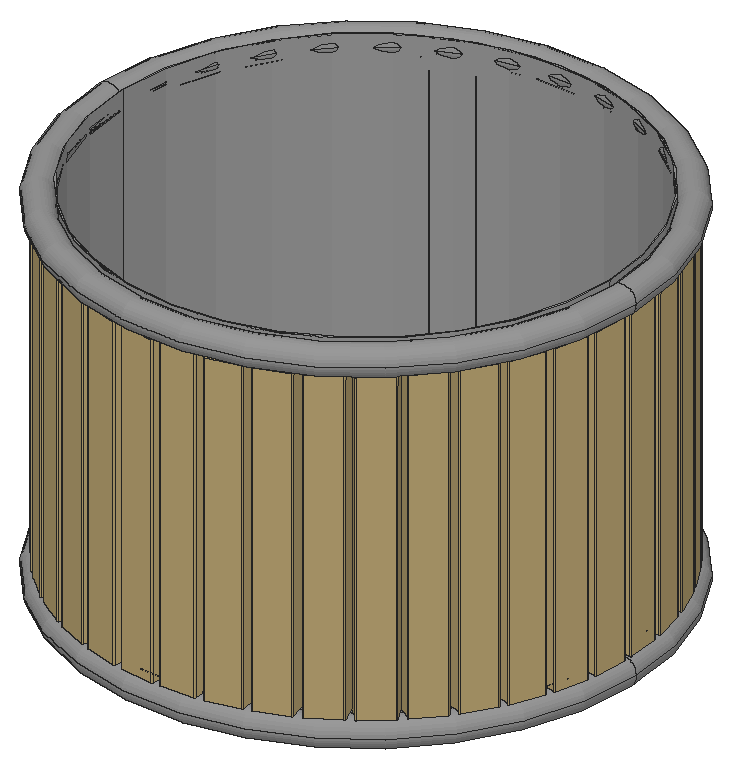
Revit family "L-FUC_식재대_YP-206_예건", category 일반 모델, Revit 2021
Family settings
  보강 철근 호스트 가능 = 아니오
  원형 커넥터 치수 = 지름 사용
  부품 유형 = 보통
  작업 기준면 기반 = 아니오
  항상 수직 = 예
  로드될 때 보이드를 사용하여 절단 = 아니오
  공유 = 아니오
  룸 계산 점 = 아니오
Parameters
  한국산업규격KS = ""
  조달청표준공사코드-세부공종 = ""
  기본 입면도 = 0 mm
  건설정보분류체계-부위분류 = "E988"
  LIM_INFO_주의사항 = "재배포, 재가공, 판매 금지"
  LIM_INFO_제품업체 = "예건"
  LIM_INFO_제품번호 = "YF-16"
  LIM_INFO_제품명 = "펜스_YF-16"
  LIM_INFO_제작일 = "20230315"
  LIM_INFO_재료 = "Hardwood, STL-pipe, STL-plate"
  LIM_INFO_업체정보 = ""
  LIM_INFO_업체URL = "https://yekun.com/"
  LIM_INFO_업체TEL = "(+82)31-943-6114"
  LIM_INFO_업체EMAIL = "yekun@yekun.com"
  LIM_INFO_버전 = "2023_V01"
  LIM_INFO_기타정보 = ""
  LIM_INFO_규격 = "W2000 x H1800"
  LIM_INFO_가격 = 0
  LIM_INFO_PV_포장재여부 = yes
  LIM_INFO_PV_면적 = 0.00 m²
  KBIMS_식별-버전 = ""
  KBIMS_식별-bSK등록번호 = ""
  KBIMS_보급정보-저작자 = "림인포테크_MMJ"
  KBIMS_보급정보-보급코드 = ""
Reference planes
  plane 1 "중심(앞/뒤)": y = 0
  plane 2: z = 0
  plane 3 "중심(왼쪽/오른쪽)": x = 0
Dimensions and locks
  aligned and locked: level to plane 2
Nested families
  nested 1: "YP-206_base" at (0, 0, 0), type "YP-206_base"
Definition of nested family "YP-206_base"
  Parameters (values of type "YP-206_base")
    Default Elevation = 0 mm
  Reference planes
    plane 1 "중심(앞/뒤)": y = 0
    plane 2: z = 0
    plane 3 "중심(왼쪽/오른쪽)": x = 0
  Forms (mm)
    Sweep 1, solid, not visible, detail levels fine
      path origin (0, 0, 0) x (1, 0, 0) y (0, 1, 0)
        loop
          circle (-1867.879, -167.062) r 568.25
      profile origin (-1867.879, 401.188, 0) x (0, -1, 0) y (0, 0, 1)
        loop
          circle (0, 0) r 28.75
        loop
          circle (0, 0) r 30.25
    Sweep 2, solid, not visible, detail levels coarse+medium
      path origin (0, 0, 0) x (1, 0, 0) y (0, 1, 0)
        loop
          circle (-1867.879, -167.062) r 568.25
      profile origin (-1867.879, 401.188, 0) x (0, -1, 0) y (0, 0, 1)
        loop
          line (26.465, -11.234) -> (26.657, 10.77) -> (11.234, 26.465) -> (-10.77, 26.657) -> (-26.465, 11.234) -> (-26.657, -10.77) -> (-11.234, -26.465) -> (10.77, -26.657) -> (26.465, -11.234)
        loop
          line (28.047, 11.332) -> (11.82, 27.845) -> (-11.332, 28.047) -> (-27.845, 11.82) -> (-28.047, -11.332) -> (-11.82, -27.845) -> (11.332, -28.047) -> (27.845, -11.82) -> (28.047, 11.332)
    Sweep 3, solid, not visible, detail levels fine
      path origin (0, 0, -1310.25) x (1, 0, 0) y (0, 1, 0)
        loop
          circle (-1867.879, -167.062) r 568.25
      profile origin (-1867.879, 401.188, -1310.25) x (0, -1, 0) y (0, 0, 1)
        loop
          circle (0, 1310.25) r 28.75
        loop
          circle (0, 1310.25) r 30.25
    Sweep 4, solid, not visible, detail levels coarse+medium
      path origin (0, 0, -1310.25) x (1, 0, 0) y (0, 1, 0)
        loop
          circle (-1867.879, -167.062) r 568.25
      profile origin (-1867.879, 401.188, -1310.25) x (0, -1, 0) y (0, 0, 1)
        loop
          line (26.465, 1299.016) -> (26.657, 1321.02) -> (11.234, 1336.715) -> (-10.77, 1336.907) -> (-26.465, 1321.484) -> (-26.657, 1299.48) -> (-11.234, 1283.785) -> (10.77, 1283.593) -> (26.465, 1299.016)
        loop
          line (28.047, 1321.582) -> (11.82, 1338.095) -> (-11.332, 1338.297) -> (-27.845, 1322.07) -> (-28.047, 1298.918) -> (-11.82, 1282.405) -> (11.332, 1282.203) -> (27.845, 1298.43) -> (28.047, 1321.582)
    Extrusion 5, solid, not visible
      sketch origin (0, 0, 0) x (1, 0, 0) y (0, 1, 0)
        loop
          line (-1678.243, -2480.024) -> (-1613.986, -2453.408)
          arc (-1613.986, -2453.408) -> (-1612.495, -2452.007) -> (-1612.304, -2449.969) r 2.893
          line (-1612.304, -2449.969) -> (-1622.315, -2413.562) -> (-1700.528, -2445.959) -> (-1681.864, -2478.781)
          arc (-1681.864, -2478.781) -> (-1680.288, -2480.087) -> (-1678.243, -2480.024) r 2.893
        loop
          line (-1517.968, -2394.568) -> (-1465.081, -2349.398)
          arc (-1465.081, -2349.398) -> (-1464.096, -2347.605) -> (-1464.544, -2345.608) r 2.893
          line (-1464.544, -2345.608) -> (-1485.315, -2314.077) -> (-1549.689, -2369.057) -> (-1521.796, -2394.505)
          arc (-1521.796, -2394.505) -> (-1519.893, -2395.26) -> (-1517.968, -2394.568) r 2.893
        loop
          line (-1391.945, -2263.766) -> (-1355.605, -2204.465)
          arc (-1355.605, -2204.465) -> (-1355.222, -2202.454) -> (-1356.265, -2200.694) r 2.893
          line (-1356.265, -2200.694) -> (-1385.763, -2177.125) -> (-1429.997, -2249.307) -> (-1395.605, -2264.89)
          arc (-1395.605, -2264.89) -> (-1393.562, -2265.02) -> (-1391.945, -2263.766) r 2.893
        loop
          line (-1312.509, -2100.424) -> (-1296.273, -2032.795)
          arc (-1296.273, -2032.795) -> (-1296.53, -2030.765) -> (-1298.067, -2029.413) r 2.893
          line (-1298.067, -2029.413) -> (-1333.404, -2016.112) -> (-1353.167, -2098.431) -> (-1315.643, -2102.623)
          arc (-1315.643, -2102.623) -> (-1313.66, -2102.116) -> (-1312.509, -2100.424) r 2.893
        loop
          line (-1287.437, -1920.529) -> (-1292.894, -1851.193)
          arc (-1292.894, -1851.193) -> (-1293.766, -1849.341) -> (-1295.645, -1848.53) r 2.893
          line (-1295.645, -1848.53) -> (-1333.364, -1846.801) -> (-1326.722, -1931.197) -> (-1289.738, -1923.589)
          arc (-1289.738, -1923.589) -> (-1288.009, -1922.494) -> (-1287.437, -1920.529) r 2.893
        loop
          line (-1319.183, -1741.691) -> (-1345.799, -1677.435)
          arc (-1345.799, -1677.435) -> (-1347.201, -1675.943) -> (-1349.238, -1675.753) r 2.893
          line (-1349.238, -1675.753) -> (-1385.645, -1685.763) -> (-1353.248, -1763.977) -> (-1320.426, -1745.312)
          arc (-1320.426, -1745.312) -> (-1319.12, -1743.736) -> (-1319.183, -1741.691) r 2.893
        loop
          line (-1404.64, -1581.416) -> (-1449.809, -1528.529)
          arc (-1449.809, -1528.529) -> (-1451.603, -1527.544) -> (-1453.6, -1527.992) r 2.893
          line (-1453.6, -1527.992) -> (-1485.131, -1548.764) -> (-1430.15, -1613.138) -> (-1404.702, -1585.244)
          arc (-1404.702, -1585.244) -> (-1403.947, -1583.342) -> (-1404.64, -1581.416) r 2.893
        loop
          line (-1535.441, -1455.393) -> (-1594.742, -1419.053)
          arc (-1594.742, -1419.053) -> (-1596.753, -1418.67) -> (-1598.513, -1419.714) r 2.893
          line (-1598.513, -1419.714) -> (-1622.083, -1449.212) -> (-1549.9, -1493.445) -> (-1534.317, -1459.053)
          arc (-1534.317, -1459.053) -> (-1534.187, -1457.01) -> (-1535.441, -1455.393) r 2.893
        loop
          line (-1698.784, -1375.958) -> (-1766.412, -1359.721)
          arc (-1766.412, -1359.721) -> (-1768.443, -1359.978) -> (-1769.795, -1361.515) r 2.893
          line (-1769.795, -1361.515) -> (-1783.095, -1396.853) -> (-1700.777, -1416.616) -> (-1696.584, -1379.091)
          arc (-1696.584, -1379.091) -> (-1697.091, -1377.108) -> (-1698.784, -1375.958) r 2.893
        loop
          line (-1878.679, -1350.886) -> (-1948.015, -1356.343)
          arc (-1948.015, -1356.343) -> (-1949.866, -1357.215) -> (-1950.677, -1359.094) r 2.893
          line (-1950.677, -1359.094) -> (-1952.406, -1396.812) -> (-1868.01, -1390.17) -> (-1875.618, -1353.187)
          arc (-1875.618, -1353.187) -> (-1876.713, -1351.457) -> (-1878.679, -1350.886) r 2.893
        loop
          line (-2057.516, -1382.632) -> (-2121.773, -1409.247)
          arc (-2121.773, -1409.247) -> (-2123.264, -1410.649) -> (-2123.455, -1412.687) r 2.893
          line (-2123.455, -1412.687) -> (-2113.444, -1449.093) -> (-2035.231, -1416.696) -> (-2053.895, -1383.874)
          arc (-2053.895, -1383.874) -> (-2055.471, -1382.568) -> (-2057.516, -1382.632) r 2.893
        loop
          line (-2217.791, -1468.088) -> (-2270.678, -1513.257)
          arc (-2270.678, -1513.257) -> (-2271.663, -1515.051) -> (-2271.215, -1517.048) r 2.893
          line (-2271.215, -1517.048) -> (-2250.444, -1548.579) -> (-2186.07, -1493.598) -> (-2213.963, -1468.15)
          arc (-2213.963, -1468.15) -> (-2215.865, -1467.395) -> (-2217.791, -1468.088) r 2.893
        loop
          line (-2343.814, -1598.889) -> (-2380.154, -1658.191)
          arc (-2380.154, -1658.191) -> (-2380.537, -1660.201) -> (-2379.494, -1661.962) r 2.893
          line (-2379.494, -1661.962) -> (-2349.996, -1685.531) -> (-2305.762, -1613.349) -> (-2340.154, -1597.766)
          arc (-2340.154, -1597.766) -> (-2342.197, -1597.635) -> (-2343.814, -1598.889) r 2.893
        loop
          line (-2437.692, -1833.243) -> (-2402.355, -1846.543) -> (-2382.592, -1764.225) -> (-2420.116, -1760.032)
          arc (-2420.116, -1760.032) -> (-2422.099, -1760.539) -> (-2423.25, -1762.232) r 2.893
          line (-2423.25, -1762.232) -> (-2439.486, -1829.861)
          arc (-2439.486, -1829.861) -> (-2439.229, -1831.891) -> (-2437.692, -1833.243) r 2.893
        loop
          line (-2440.113, -2014.125) -> (-2402.395, -2015.855) -> (-2409.037, -1931.458) -> (-2446.021, -1939.067)
          arc (-2446.021, -1939.067) -> (-2447.75, -1940.162) -> (-2448.322, -1942.127) r 2.893
          line (-2448.322, -1942.127) -> (-2442.865, -2011.463)
          arc (-2442.865, -2011.463) -> (-2441.993, -2013.314) -> (-2440.113, -2014.125) r 2.893
        loop
          line (-2386.521, -2186.903) -> (-2350.114, -2176.892) -> (-2382.511, -2098.679) -> (-2415.333, -2117.343)
          arc (-2415.333, -2117.343) -> (-2416.639, -2118.919) -> (-2416.576, -2120.965) r 2.893
          line (-2416.576, -2120.965) -> (-2389.96, -2185.221)
          arc (-2389.96, -2185.221) -> (-2388.558, -2186.712) -> (-2386.521, -2186.903) r 2.893
        loop
          line (-2282.159, -2334.663) -> (-2250.628, -2313.892) -> (-2305.609, -2249.518) -> (-2331.057, -2277.412)
          arc (-2331.057, -2277.412) -> (-2331.812, -2279.314) -> (-2331.119, -2281.24) r 2.893
          line (-2331.119, -2281.24) -> (-2285.95, -2334.126)
          arc (-2285.95, -2334.126) -> (-2284.156, -2335.112) -> (-2282.159, -2334.663) r 2.893
        loop
          line (-2137.246, -2442.942) -> (-2113.676, -2413.444) -> (-2185.859, -2369.21) -> (-2201.441, -2403.603)
          arc (-2201.441, -2403.603) -> (-2201.572, -2405.645) -> (-2200.318, -2407.263) r 2.893
          line (-2200.318, -2407.263) -> (-2141.017, -2443.603)
          arc (-2141.017, -2443.603) -> (-2139.006, -2443.986) -> (-2137.246, -2442.942) r 2.893
        loop
          line (-1965.964, -2501.141) -> (-1952.664, -2465.803) -> (-2034.982, -2446.04) -> (-2039.175, -2483.564)
          arc (-2039.175, -2483.564) -> (-2038.668, -2485.547) -> (-2036.975, -2486.698) r 2.893
          line (-2036.975, -2486.698) -> (-1969.347, -2502.934)
          arc (-1969.347, -2502.934) -> (-1967.316, -2502.677) -> (-1965.964, -2501.141) r 2.893
        loop
          line (-1785.082, -2503.562) -> (-1783.353, -2465.844) -> (-1867.749, -2472.486) -> (-1860.141, -2509.469)
          arc (-1860.141, -2509.469) -> (-1859.046, -2511.198) -> (-1857.08, -2511.77) r 2.893
          line (-1857.08, -2511.77) -> (-1787.744, -2506.313)
          arc (-1787.744, -2506.313) -> (-1785.893, -2505.441) -> (-1785.082, -2503.562) r 2.893
      from 0 to 680
    Extrusion 6, solid, not visible
      sketch origin (-326.184, 269.167, 0) x (0.987613, 0.156911, 0) y (-0.156911, 0.987613, 0)
        loop
          line (-1678.243, -2480.024) -> (-1613.986, -2453.408)
          arc (-1613.986, -2453.408) -> (-1612.495, -2452.007) -> (-1612.304, -2449.969) r 2.893
          line (-1612.304, -2449.969) -> (-1622.315, -2413.562) -> (-1700.528, -2445.959) -> (-1681.864, -2478.781)
          arc (-1681.864, -2478.781) -> (-1680.288, -2480.087) -> (-1678.243, -2480.024) r 2.893
        loop
          line (-1517.968, -2394.568) -> (-1465.081, -2349.398)
          arc (-1465.081, -2349.398) -> (-1464.096, -2347.605) -> (-1464.544, -2345.608) r 2.893
          line (-1464.544, -2345.608) -> (-1485.315, -2314.077) -> (-1549.689, -2369.057) -> (-1521.796, -2394.505)
          arc (-1521.796, -2394.505) -> (-1519.893, -2395.26) -> (-1517.968, -2394.568) r 2.893
        loop
          line (-1391.945, -2263.766) -> (-1355.605, -2204.465)
          arc (-1355.605, -2204.465) -> (-1355.222, -2202.454) -> (-1356.265, -2200.694) r 2.893
          line (-1356.265, -2200.694) -> (-1385.763, -2177.125) -> (-1429.997, -2249.307) -> (-1395.605, -2264.89)
          arc (-1395.605, -2264.89) -> (-1393.562, -2265.02) -> (-1391.945, -2263.766) r 2.893
        loop
          line (-1312.509, -2100.424) -> (-1296.273, -2032.795)
          arc (-1296.273, -2032.795) -> (-1296.53, -2030.765) -> (-1298.067, -2029.413) r 2.893
          line (-1298.067, -2029.413) -> (-1333.404, -2016.112) -> (-1353.167, -2098.431) -> (-1315.643, -2102.623)
          arc (-1315.643, -2102.623) -> (-1313.66, -2102.116) -> (-1312.509, -2100.424) r 2.893
        loop
          line (-1287.437, -1920.529) -> (-1292.894, -1851.193)
          arc (-1292.894, -1851.193) -> (-1293.766, -1849.341) -> (-1295.645, -1848.53) r 2.893
          line (-1295.645, -1848.53) -> (-1333.364, -1846.801) -> (-1326.722, -1931.197) -> (-1289.738, -1923.589)
          arc (-1289.738, -1923.589) -> (-1288.009, -1922.494) -> (-1287.437, -1920.529) r 2.893
        loop
          line (-1319.183, -1741.691) -> (-1345.799, -1677.435)
          arc (-1345.799, -1677.435) -> (-1347.201, -1675.943) -> (-1349.238, -1675.753) r 2.893
          line (-1349.238, -1675.753) -> (-1385.645, -1685.763) -> (-1353.248, -1763.977) -> (-1320.426, -1745.312)
          arc (-1320.426, -1745.312) -> (-1319.12, -1743.736) -> (-1319.183, -1741.691) r 2.893
        loop
          line (-1404.64, -1581.416) -> (-1449.809, -1528.529)
          arc (-1449.809, -1528.529) -> (-1451.603, -1527.544) -> (-1453.6, -1527.992) r 2.893
          line (-1453.6, -1527.992) -> (-1485.131, -1548.764) -> (-1430.15, -1613.138) -> (-1404.702, -1585.244)
          arc (-1404.702, -1585.244) -> (-1403.947, -1583.342) -> (-1404.64, -1581.416) r 2.893
        loop
          line (-1535.441, -1455.393) -> (-1594.742, -1419.053)
          arc (-1594.742, -1419.053) -> (-1596.753, -1418.67) -> (-1598.513, -1419.714) r 2.893
          line (-1598.513, -1419.714) -> (-1622.083, -1449.212) -> (-1549.9, -1493.445) -> (-1534.317, -1459.053)
          arc (-1534.317, -1459.053) -> (-1534.187, -1457.01) -> (-1535.441, -1455.393) r 2.893
        loop
          line (-1698.784, -1375.958) -> (-1766.412, -1359.721)
          arc (-1766.412, -1359.721) -> (-1768.443, -1359.978) -> (-1769.795, -1361.515) r 2.893
          line (-1769.795, -1361.515) -> (-1783.095, -1396.853) -> (-1700.777, -1416.616) -> (-1696.584, -1379.091)
          arc (-1696.584, -1379.091) -> (-1697.091, -1377.108) -> (-1698.784, -1375.958) r 2.893
        loop
          line (-1878.679, -1350.886) -> (-1948.015, -1356.343)
          arc (-1948.015, -1356.343) -> (-1949.866, -1357.215) -> (-1950.677, -1359.094) r 2.893
          line (-1950.677, -1359.094) -> (-1952.406, -1396.812) -> (-1868.01, -1390.17) -> (-1875.618, -1353.187)
          arc (-1875.618, -1353.187) -> (-1876.713, -1351.457) -> (-1878.679, -1350.886) r 2.893
        loop
          line (-2057.516, -1382.632) -> (-2121.773, -1409.247)
          arc (-2121.773, -1409.247) -> (-2123.264, -1410.649) -> (-2123.455, -1412.687) r 2.893
          line (-2123.455, -1412.687) -> (-2113.444, -1449.093) -> (-2035.231, -1416.696) -> (-2053.895, -1383.874)
          arc (-2053.895, -1383.874) -> (-2055.471, -1382.568) -> (-2057.516, -1382.632) r 2.893
        loop
          line (-2217.791, -1468.088) -> (-2270.678, -1513.257)
          arc (-2270.678, -1513.257) -> (-2271.663, -1515.051) -> (-2271.215, -1517.048) r 2.893
          line (-2271.215, -1517.048) -> (-2250.444, -1548.579) -> (-2186.07, -1493.598) -> (-2213.963, -1468.15)
          arc (-2213.963, -1468.15) -> (-2215.865, -1467.395) -> (-2217.791, -1468.088) r 2.893
        loop
          line (-2343.814, -1598.889) -> (-2380.154, -1658.191)
          arc (-2380.154, -1658.191) -> (-2380.537, -1660.201) -> (-2379.494, -1661.962) r 2.893
          line (-2379.494, -1661.962) -> (-2349.996, -1685.531) -> (-2305.762, -1613.349) -> (-2340.154, -1597.766)
          arc (-2340.154, -1597.766) -> (-2342.197, -1597.635) -> (-2343.814, -1598.889) r 2.893
        loop
          line (-2437.692, -1833.243) -> (-2402.355, -1846.543) -> (-2382.592, -1764.225) -> (-2420.116, -1760.032)
          arc (-2420.116, -1760.032) -> (-2422.099, -1760.539) -> (-2423.25, -1762.232) r 2.893
          line (-2423.25, -1762.232) -> (-2439.486, -1829.861)
          arc (-2439.486, -1829.861) -> (-2439.229, -1831.891) -> (-2437.692, -1833.243) r 2.893
        loop
          line (-2440.113, -2014.125) -> (-2402.395, -2015.855) -> (-2409.037, -1931.458) -> (-2446.021, -1939.067)
          arc (-2446.021, -1939.067) -> (-2447.75, -1940.162) -> (-2448.322, -1942.127) r 2.893
          line (-2448.322, -1942.127) -> (-2442.865, -2011.463)
          arc (-2442.865, -2011.463) -> (-2441.993, -2013.314) -> (-2440.113, -2014.125) r 2.893
        loop
          line (-2386.521, -2186.903) -> (-2350.114, -2176.892) -> (-2382.511, -2098.679) -> (-2415.333, -2117.343)
          arc (-2415.333, -2117.343) -> (-2416.639, -2118.919) -> (-2416.576, -2120.965) r 2.893
          line (-2416.576, -2120.965) -> (-2389.96, -2185.221)
          arc (-2389.96, -2185.221) -> (-2388.558, -2186.712) -> (-2386.521, -2186.903) r 2.893
        loop
          line (-2282.159, -2334.663) -> (-2250.628, -2313.892) -> (-2305.609, -2249.518) -> (-2331.057, -2277.412)
          arc (-2331.057, -2277.412) -> (-2331.812, -2279.314) -> (-2331.119, -2281.24) r 2.893
          line (-2331.119, -2281.24) -> (-2285.95, -2334.126)
          arc (-2285.95, -2334.126) -> (-2284.156, -2335.112) -> (-2282.159, -2334.663) r 2.893
        loop
          line (-2137.246, -2442.942) -> (-2113.676, -2413.444) -> (-2185.859, -2369.21) -> (-2201.441, -2403.603)
          arc (-2201.441, -2403.603) -> (-2201.572, -2405.645) -> (-2200.318, -2407.263) r 2.893
          line (-2200.318, -2407.263) -> (-2141.017, -2443.603)
          arc (-2141.017, -2443.603) -> (-2139.006, -2443.986) -> (-2137.246, -2442.942) r 2.893
        loop
          line (-1965.964, -2501.141) -> (-1952.664, -2465.803) -> (-2034.982, -2446.04) -> (-2039.175, -2483.564)
          arc (-2039.175, -2483.564) -> (-2038.668, -2485.547) -> (-2036.975, -2486.698) r 2.893
          line (-2036.975, -2486.698) -> (-1969.347, -2502.934)
          arc (-1969.347, -2502.934) -> (-1967.316, -2502.677) -> (-1965.964, -2501.141) r 2.893
        loop
          line (-1785.082, -2503.562) -> (-1783.353, -2465.844) -> (-1867.749, -2472.486) -> (-1860.141, -2509.469)
          arc (-1860.141, -2509.469) -> (-1859.046, -2511.198) -> (-1857.08, -2511.77) r 2.893
          line (-1857.08, -2511.77) -> (-1787.744, -2506.313)
          arc (-1787.744, -2506.313) -> (-1785.893, -2505.441) -> (-1785.082, -2503.562) r 2.893
      from 0 to 680
    Extrusion 7, solid, not visible
      sketch origin (0, 0, 0) x (1, 0, 0) y (0, 1, 0)
        loop
          circle (-1867.879, -1931.328) r 537.5
        loop
          circle (-1867.879, -1931.328) r 539.5
      from 0 to 794.31
    Sweep 8, solid, not visible, detail levels fine
      path origin (0, -1764.266, -542.405) x (1, 0, 0) y (0, 1, 0)
        loop
          circle (-1867.879, -167.062) r 568.25
      profile origin (-1867.879, -1363.078, -542.405) x (0, -1, 0) y (0, 0, 1)
        loop
          circle (0, 1310.25) r 28.75
        loop
          circle (0, 1310.25) r 30.25
    Sweep 9, solid, not visible, detail levels coarse+medium
      path origin (0, -1764.266, -542.405) x (1, 0, 0) y (0, 1, 0)
        loop
          circle (-1867.879, -167.062) r 568.25
      profile origin (-1867.879, -1363.078, -542.405) x (0, -1, 0) y (0, 0, 1)
        loop
          line (26.465, 1299.016) -> (26.657, 1321.02) -> (11.234, 1336.715) -> (-10.77, 1336.907) -> (-26.465, 1321.484) -> (-26.657, 1299.48) -> (-11.234, 1283.785) -> (10.77, 1283.593) -> (26.465, 1299.016)
        loop
          line (28.047, 1321.582) -> (11.82, 1338.095) -> (-11.332, 1338.297) -> (-27.845, 1322.07) -> (-28.047, 1298.918) -> (-11.82, 1282.405) -> (11.332, 1282.203) -> (27.845, 1298.43) -> (28.047, 1321.582)
    Sweep 10, solid, not visible, detail levels fine
      path origin (0, -1764.266, -1278.297) x (1, 0, 0) y (0, 1, 0)
        loop
          circle (-1867.879, -167.062) r 568.25
      profile origin (-1867.879, -1363.078, -1278.297) x (0, -1, 0) y (0, 0, 1)
        loop
          circle (0, 1310.25) r 28.75
        loop
          circle (0, 1310.25) r 30.25
    Sweep 11, solid, not visible, detail levels coarse+medium
      path origin (0, -1764.266, -1278.297) x (1, 0, 0) y (0, 1, 0)
        loop
          circle (-1867.879, -167.062) r 568.25
      profile origin (-1867.879, -1363.078, -1278.297) x (0, -1, 0) y (0, 0, 1)
        loop
          line (26.465, 1299.016) -> (26.657, 1321.02) -> (11.234, 1336.715) -> (-10.77, 1336.907) -> (-26.465, 1321.484) -> (-26.657, 1299.48) -> (-11.234, 1283.785) -> (10.77, 1283.593) -> (26.465, 1299.016)
        loop
          line (28.047, 1321.582) -> (11.82, 1338.095) -> (-11.332, 1338.297) -> (-27.845, 1322.07) -> (-28.047, 1298.918) -> (-11.82, 1282.405) -> (11.332, 1282.203) -> (27.845, 1298.43) -> (28.047, 1321.582)
    Extrusion 12, solid, not visible
      sketch origin (0, 0, 60) x (1, 0, 0) y (0, 1, 0)
        loop
          line (-1678.243, -2480.024) -> (-1613.986, -2453.408)
          arc (-1613.986, -2453.408) -> (-1612.495, -2452.007) -> (-1612.304, -2449.969) r 2.893
          line (-1612.304, -2449.969) -> (-1622.315, -2413.562) -> (-1700.528, -2445.959) -> (-1681.864, -2478.781)
          arc (-1681.864, -2478.781) -> (-1680.288, -2480.087) -> (-1678.243, -2480.024) r 2.893
        loop
          line (-1517.968, -2394.568) -> (-1465.081, -2349.398)
          arc (-1465.081, -2349.398) -> (-1464.096, -2347.605) -> (-1464.544, -2345.608) r 2.893
          line (-1464.544, -2345.608) -> (-1485.315, -2314.077) -> (-1549.689, -2369.057) -> (-1521.796, -2394.505)
          arc (-1521.796, -2394.505) -> (-1519.893, -2395.26) -> (-1517.968, -2394.568) r 2.893
        loop
          line (-1391.945, -2263.766) -> (-1355.605, -2204.465)
          arc (-1355.605, -2204.465) -> (-1355.222, -2202.454) -> (-1356.265, -2200.694) r 2.893
          line (-1356.265, -2200.694) -> (-1385.763, -2177.125) -> (-1429.997, -2249.307) -> (-1395.605, -2264.89)
          arc (-1395.605, -2264.89) -> (-1393.562, -2265.02) -> (-1391.945, -2263.766) r 2.893
        loop
          line (-1312.509, -2100.424) -> (-1296.273, -2032.795)
          arc (-1296.273, -2032.795) -> (-1296.53, -2030.765) -> (-1298.067, -2029.413) r 2.893
          line (-1298.067, -2029.413) -> (-1333.404, -2016.112) -> (-1353.167, -2098.431) -> (-1315.643, -2102.623)
          arc (-1315.643, -2102.623) -> (-1313.66, -2102.116) -> (-1312.509, -2100.424) r 2.893
        loop
          line (-1287.437, -1920.529) -> (-1292.894, -1851.193)
          arc (-1292.894, -1851.193) -> (-1293.766, -1849.341) -> (-1295.645, -1848.53) r 2.893
          line (-1295.645, -1848.53) -> (-1333.364, -1846.801) -> (-1326.722, -1931.197) -> (-1289.738, -1923.589)
          arc (-1289.738, -1923.589) -> (-1288.009, -1922.494) -> (-1287.437, -1920.529) r 2.893
        loop
          line (-1319.183, -1741.691) -> (-1345.799, -1677.435)
          arc (-1345.799, -1677.435) -> (-1347.201, -1675.943) -> (-1349.238, -1675.753) r 2.893
          line (-1349.238, -1675.753) -> (-1385.645, -1685.763) -> (-1353.248, -1763.977) -> (-1320.426, -1745.312)
          arc (-1320.426, -1745.312) -> (-1319.12, -1743.736) -> (-1319.183, -1741.691) r 2.893
        loop
          line (-1404.64, -1581.416) -> (-1449.809, -1528.529)
          arc (-1449.809, -1528.529) -> (-1451.603, -1527.544) -> (-1453.6, -1527.992) r 2.893
          line (-1453.6, -1527.992) -> (-1485.131, -1548.764) -> (-1430.15, -1613.138) -> (-1404.702, -1585.244)
          arc (-1404.702, -1585.244) -> (-1403.947, -1583.342) -> (-1404.64, -1581.416) r 2.893
        loop
          line (-1535.441, -1455.393) -> (-1594.742, -1419.053)
          arc (-1594.742, -1419.053) -> (-1596.753, -1418.67) -> (-1598.513, -1419.714) r 2.893
          line (-1598.513, -1419.714) -> (-1622.083, -1449.212) -> (-1549.9, -1493.445) -> (-1534.317, -1459.053)
          arc (-1534.317, -1459.053) -> (-1534.187, -1457.01) -> (-1535.441, -1455.393) r 2.893
        loop
          line (-1698.784, -1375.958) -> (-1766.412, -1359.721)
          arc (-1766.412, -1359.721) -> (-1768.443, -1359.978) -> (-1769.795, -1361.515) r 2.893
          line (-1769.795, -1361.515) -> (-1783.095, -1396.853) -> (-1700.777, -1416.616) -> (-1696.584, -1379.091)
          arc (-1696.584, -1379.091) -> (-1697.091, -1377.108) -> (-1698.784, -1375.958) r 2.893
        loop
          line (-1878.679, -1350.886) -> (-1948.015, -1356.343)
          arc (-1948.015, -1356.343) -> (-1949.866, -1357.215) -> (-1950.677, -1359.094) r 2.893
          line (-1950.677, -1359.094) -> (-1952.406, -1396.812) -> (-1868.01, -1390.17) -> (-1875.618, -1353.187)
          arc (-1875.618, -1353.187) -> (-1876.713, -1351.457) -> (-1878.679, -1350.886) r 2.893
        loop
          line (-2057.516, -1382.632) -> (-2121.773, -1409.247)
          arc (-2121.773, -1409.247) -> (-2123.264, -1410.649) -> (-2123.455, -1412.687) r 2.893
          line (-2123.455, -1412.687) -> (-2113.444, -1449.093) -> (-2035.231, -1416.696) -> (-2053.895, -1383.874)
          arc (-2053.895, -1383.874) -> (-2055.471, -1382.568) -> (-2057.516, -1382.632) r 2.893
        loop
          line (-2217.791, -1468.088) -> (-2270.678, -1513.257)
          arc (-2270.678, -1513.257) -> (-2271.663, -1515.051) -> (-2271.215, -1517.048) r 2.893
          line (-2271.215, -1517.048) -> (-2250.444, -1548.579) -> (-2186.07, -1493.598) -> (-2213.963, -1468.15)
          arc (-2213.963, -1468.15) -> (-2215.865, -1467.395) -> (-2217.791, -1468.088) r 2.893
        loop
          line (-2343.814, -1598.889) -> (-2380.154, -1658.191)
          arc (-2380.154, -1658.191) -> (-2380.537, -1660.201) -> (-2379.494, -1661.962) r 2.893
          line (-2379.494, -1661.962) -> (-2349.996, -1685.531) -> (-2305.762, -1613.349) -> (-2340.154, -1597.766)
          arc (-2340.154, -1597.766) -> (-2342.197, -1597.635) -> (-2343.814, -1598.889) r 2.893
        loop
          line (-2437.692, -1833.243) -> (-2402.355, -1846.543) -> (-2382.592, -1764.225) -> (-2420.116, -1760.032)
          arc (-2420.116, -1760.032) -> (-2422.099, -1760.539) -> (-2423.25, -1762.232) r 2.893
          line (-2423.25, -1762.232) -> (-2439.486, -1829.861)
          arc (-2439.486, -1829.861) -> (-2439.229, -1831.891) -> (-2437.692, -1833.243) r 2.893
        loop
          line (-2440.113, -2014.125) -> (-2402.395, -2015.855) -> (-2409.037, -1931.458) -> (-2446.021, -1939.067)
          arc (-2446.021, -1939.067) -> (-2447.75, -1940.162) -> (-2448.322, -1942.127) r 2.893
          line (-2448.322, -1942.127) -> (-2442.865, -2011.463)
          arc (-2442.865, -2011.463) -> (-2441.993, -2013.314) -> (-2440.113, -2014.125) r 2.893
        loop
          line (-2386.521, -2186.903) -> (-2350.114, -2176.892) -> (-2382.511, -2098.679) -> (-2415.333, -2117.343)
          arc (-2415.333, -2117.343) -> (-2416.639, -2118.919) -> (-2416.576, -2120.965) r 2.893
          line (-2416.576, -2120.965) -> (-2389.96, -2185.221)
          arc (-2389.96, -2185.221) -> (-2388.558, -2186.712) -> (-2386.521, -2186.903) r 2.893
        loop
          line (-2282.159, -2334.663) -> (-2250.628, -2313.892) -> (-2305.609, -2249.518) -> (-2331.057, -2277.412)
          arc (-2331.057, -2277.412) -> (-2331.812, -2279.314) -> (-2331.119, -2281.24) r 2.893
          line (-2331.119, -2281.24) -> (-2285.95, -2334.126)
          arc (-2285.95, -2334.126) -> (-2284.156, -2335.112) -> (-2282.159, -2334.663) r 2.893
        loop
          line (-2137.246, -2442.942) -> (-2113.676, -2413.444) -> (-2185.859, -2369.21) -> (-2201.441, -2403.603)
          arc (-2201.441, -2403.603) -> (-2201.572, -2405.645) -> (-2200.318, -2407.263) r 2.893
          line (-2200.318, -2407.263) -> (-2141.017, -2443.603)
          arc (-2141.017, -2443.603) -> (-2139.006, -2443.986) -> (-2137.246, -2442.942) r 2.893
        loop
          line (-1965.964, -2501.141) -> (-1952.664, -2465.803) -> (-2034.982, -2446.04) -> (-2039.175, -2483.564)
          arc (-2039.175, -2483.564) -> (-2038.668, -2485.547) -> (-2036.975, -2486.698) r 2.893
          line (-2036.975, -2486.698) -> (-1969.347, -2502.934)
          arc (-1969.347, -2502.934) -> (-1967.316, -2502.677) -> (-1965.964, -2501.141) r 2.893
        loop
          line (-1785.082, -2503.562) -> (-1783.353, -2465.844) -> (-1867.749, -2472.486) -> (-1860.141, -2509.469)
          arc (-1860.141, -2509.469) -> (-1859.046, -2511.198) -> (-1857.08, -2511.77) r 2.893
          line (-1857.08, -2511.77) -> (-1787.744, -2506.313)
          arc (-1787.744, -2506.313) -> (-1785.893, -2505.441) -> (-1785.082, -2503.562) r 2.893
      from 0 to 680
    Extrusion 13, solid, not visible
      sketch origin (-326.184, 269.167, 60) x (0.987613, 0.156911, 0) y (-0.156911, 0.987613, 0)
        loop
          line (-1678.243, -2480.024) -> (-1613.986, -2453.408)
          arc (-1613.986, -2453.408) -> (-1612.495, -2452.007) -> (-1612.304, -2449.969) r 2.893
          line (-1612.304, -2449.969) -> (-1622.315, -2413.562) -> (-1700.528, -2445.959) -> (-1681.864, -2478.781)
          arc (-1681.864, -2478.781) -> (-1680.288, -2480.087) -> (-1678.243, -2480.024) r 2.893
        loop
          line (-1517.968, -2394.568) -> (-1465.081, -2349.398)
          arc (-1465.081, -2349.398) -> (-1464.096, -2347.605) -> (-1464.544, -2345.608) r 2.893
          line (-1464.544, -2345.608) -> (-1485.315, -2314.077) -> (-1549.689, -2369.057) -> (-1521.796, -2394.505)
          arc (-1521.796, -2394.505) -> (-1519.893, -2395.26) -> (-1517.968, -2394.568) r 2.893
        loop
          line (-1391.945, -2263.766) -> (-1355.605, -2204.465)
          arc (-1355.605, -2204.465) -> (-1355.222, -2202.454) -> (-1356.265, -2200.694) r 2.893
          line (-1356.265, -2200.694) -> (-1385.763, -2177.125) -> (-1429.997, -2249.307) -> (-1395.605, -2264.89)
          arc (-1395.605, -2264.89) -> (-1393.562, -2265.02) -> (-1391.945, -2263.766) r 2.893
        loop
          line (-1312.509, -2100.424) -> (-1296.273, -2032.795)
          arc (-1296.273, -2032.795) -> (-1296.53, -2030.765) -> (-1298.067, -2029.413) r 2.893
          line (-1298.067, -2029.413) -> (-1333.404, -2016.112) -> (-1353.167, -2098.431) -> (-1315.643, -2102.623)
          arc (-1315.643, -2102.623) -> (-1313.66, -2102.116) -> (-1312.509, -2100.424) r 2.893
        loop
          line (-1287.437, -1920.529) -> (-1292.894, -1851.193)
          arc (-1292.894, -1851.193) -> (-1293.766, -1849.341) -> (-1295.645, -1848.53) r 2.893
          line (-1295.645, -1848.53) -> (-1333.364, -1846.801) -> (-1326.722, -1931.197) -> (-1289.738, -1923.589)
          arc (-1289.738, -1923.589) -> (-1288.009, -1922.494) -> (-1287.437, -1920.529) r 2.893
        loop
          line (-1319.183, -1741.691) -> (-1345.799, -1677.435)
          arc (-1345.799, -1677.435) -> (-1347.201, -1675.943) -> (-1349.238, -1675.753) r 2.893
          line (-1349.238, -1675.753) -> (-1385.645, -1685.763) -> (-1353.248, -1763.977) -> (-1320.426, -1745.312)
          arc (-1320.426, -1745.312) -> (-1319.12, -1743.736) -> (-1319.183, -1741.691) r 2.893
        loop
          line (-1404.64, -1581.416) -> (-1449.809, -1528.529)
          arc (-1449.809, -1528.529) -> (-1451.603, -1527.544) -> (-1453.6, -1527.992) r 2.893
          line (-1453.6, -1527.992) -> (-1485.131, -1548.764) -> (-1430.15, -1613.138) -> (-1404.702, -1585.244)
          arc (-1404.702, -1585.244) -> (-1403.947, -1583.342) -> (-1404.64, -1581.416) r 2.893
        loop
          line (-1535.441, -1455.393) -> (-1594.742, -1419.053)
          arc (-1594.742, -1419.053) -> (-1596.753, -1418.67) -> (-1598.513, -1419.714) r 2.893
          line (-1598.513, -1419.714) -> (-1622.083, -1449.212) -> (-1549.9, -1493.445) -> (-1534.317, -1459.053)
          arc (-1534.317, -1459.053) -> (-1534.187, -1457.01) -> (-1535.441, -1455.393) r 2.893
        loop
          line (-1698.784, -1375.958) -> (-1766.412, -1359.721)
          arc (-1766.412, -1359.721) -> (-1768.443, -1359.978) -> (-1769.795, -1361.515) r 2.893
          line (-1769.795, -1361.515) -> (-1783.095, -1396.853) -> (-1700.777, -1416.616) -> (-1696.584, -1379.091)
          arc (-1696.584, -1379.091) -> (-1697.091, -1377.108) -> (-1698.784, -1375.958) r 2.893
        loop
          line (-1878.679, -1350.886) -> (-1948.015, -1356.343)
          arc (-1948.015, -1356.343) -> (-1949.866, -1357.215) -> (-1950.677, -1359.094) r 2.893
          line (-1950.677, -1359.094) -> (-1952.406, -1396.812) -> (-1868.01, -1390.17) -> (-1875.618, -1353.187)
          arc (-1875.618, -1353.187) -> (-1876.713, -1351.457) -> (-1878.679, -1350.886) r 2.893
        loop
          line (-2057.516, -1382.632) -> (-2121.773, -1409.247)
          arc (-2121.773, -1409.247) -> (-2123.264, -1410.649) -> (-2123.455, -1412.687) r 2.893
          line (-2123.455, -1412.687) -> (-2113.444, -1449.093) -> (-2035.231, -1416.696) -> (-2053.895, -1383.874)
          arc (-2053.895, -1383.874) -> (-2055.471, -1382.568) -> (-2057.516, -1382.632) r 2.893
        loop
          line (-2217.791, -1468.088) -> (-2270.678, -1513.257)
          arc (-2270.678, -1513.257) -> (-2271.663, -1515.051) -> (-2271.215, -1517.048) r 2.893
          line (-2271.215, -1517.048) -> (-2250.444, -1548.579) -> (-2186.07, -1493.598) -> (-2213.963, -1468.15)
          arc (-2213.963, -1468.15) -> (-2215.865, -1467.395) -> (-2217.791, -1468.088) r 2.893
        loop
          line (-2343.814, -1598.889) -> (-2380.154, -1658.191)
          arc (-2380.154, -1658.191) -> (-2380.537, -1660.201) -> (-2379.494, -1661.962) r 2.893
          line (-2379.494, -1661.962) -> (-2349.996, -1685.531) -> (-2305.762, -1613.349) -> (-2340.154, -1597.766)
          arc (-2340.154, -1597.766) -> (-2342.197, -1597.635) -> (-2343.814, -1598.889) r 2.893
        loop
          line (-2437.692, -1833.243) -> (-2402.355, -1846.543) -> (-2382.592, -1764.225) -> (-2420.116, -1760.032)
          arc (-2420.116, -1760.032) -> (-2422.099, -1760.539) -> (-2423.25, -1762.232) r 2.893
          line (-2423.25, -1762.232) -> (-2439.486, -1829.861)
          arc (-2439.486, -1829.861) -> (-2439.229, -1831.891) -> (-2437.692, -1833.243) r 2.893
        loop
          line (-2440.113, -2014.125) -> (-2402.395, -2015.855) -> (-2409.037, -1931.458) -> (-2446.021, -1939.067)
          arc (-2446.021, -1939.067) -> (-2447.75, -1940.162) -> (-2448.322, -1942.127) r 2.893
          line (-2448.322, -1942.127) -> (-2442.865, -2011.463)
          arc (-2442.865, -2011.463) -> (-2441.993, -2013.314) -> (-2440.113, -2014.125) r 2.893
        loop
          line (-2386.521, -2186.903) -> (-2350.114, -2176.892) -> (-2382.511, -2098.679) -> (-2415.333, -2117.343)
          arc (-2415.333, -2117.343) -> (-2416.639, -2118.919) -> (-2416.576, -2120.965) r 2.893
          line (-2416.576, -2120.965) -> (-2389.96, -2185.221)
          arc (-2389.96, -2185.221) -> (-2388.558, -2186.712) -> (-2386.521, -2186.903) r 2.893
        loop
          line (-2282.159, -2334.663) -> (-2250.628, -2313.892) -> (-2305.609, -2249.518) -> (-2331.057, -2277.412)
          arc (-2331.057, -2277.412) -> (-2331.812, -2279.314) -> (-2331.119, -2281.24) r 2.893
          line (-2331.119, -2281.24) -> (-2285.95, -2334.126)
          arc (-2285.95, -2334.126) -> (-2284.156, -2335.112) -> (-2282.159, -2334.663) r 2.893
        loop
          line (-2137.246, -2442.942) -> (-2113.676, -2413.444) -> (-2185.859, -2369.21) -> (-2201.441, -2403.603)
          arc (-2201.441, -2403.603) -> (-2201.572, -2405.645) -> (-2200.318, -2407.263) r 2.893
          line (-2200.318, -2407.263) -> (-2141.017, -2443.603)
          arc (-2141.017, -2443.603) -> (-2139.006, -2443.986) -> (-2137.246, -2442.942) r 2.893
        loop
          line (-1965.964, -2501.141) -> (-1952.664, -2465.803) -> (-2034.982, -2446.04) -> (-2039.175, -2483.564)
          arc (-2039.175, -2483.564) -> (-2038.668, -2485.547) -> (-2036.975, -2486.698) r 2.893
          line (-2036.975, -2486.698) -> (-1969.347, -2502.934)
          arc (-1969.347, -2502.934) -> (-1967.316, -2502.677) -> (-1965.964, -2501.141) r 2.893
        loop
          line (-1785.082, -2503.562) -> (-1783.353, -2465.844) -> (-1867.749, -2472.486) -> (-1860.141, -2509.469)
          arc (-1860.141, -2509.469) -> (-1859.046, -2511.198) -> (-1857.08, -2511.77) r 2.893
          line (-1857.08, -2511.77) -> (-1787.744, -2506.313)
          arc (-1787.744, -2506.313) -> (-1785.893, -2505.441) -> (-1785.082, -2503.562) r 2.893
      from 0 to 680
    Extrusion 14, solid, not visible
      sketch origin (0, -1764.266, 4.107) x (1, 0, 0) y (0, 1, 0)
        loop
          arc (-2404.542, -137.062) -> (-2405.379, -167.062) -> (-2404.542, -197.062) r 537.5
          line (-2404.542, -197.062) -> (-1331.217, -197.062)
          arc (-1331.217, -197.062) -> (-1330.379, -167.062) -> (-1331.217, -137.062) r 537.5
          line (-1331.217, -137.062) -> (-2404.542, -137.062)
      from 0 to 40
    Extrusion 15, solid, not visible
      sketch origin (-2034.942, -63.448, 4.107) x (0, 1, 0) y (-1, 0, 0)
        loop
          arc (-2404.542, -137.062) -> (-2405.379, -167.062) -> (-2404.542, -197.062) r 537.5
          line (-2404.542, -197.062) -> (-1331.217, -197.062)
          arc (-1331.217, -197.062) -> (-1330.379, -167.062) -> (-1331.217, -137.062) r 537.5
          line (-1331.217, -137.062) -> (-2404.542, -137.062)
      from 0 to 40
    Extrusion 16, solid, not visible
      sketch origin (0, -1764.266, 44.107) x (1, 0, 0) y (0, 1, 0)
        loop
          circle (-1867.879, -167.062) r 537.5
        loop
          circle (-2080.012, -379.194) r 10
        loop
          circle (-1655.747, -379.194) r 10
        loop
          circle (-1655.747, 45.07) r 10
        loop
          circle (-2080.012, 45.07) r 10
      from 0 to 1.2
    Extrusion 17, solid, detail levels fine
      sketch origin (1867.879, 1931.328, 0) x (1, 0, 0) y (0, 1, 0)
        loop
          circle (-1867.879, -1931.328) r 537.5
        loop
          circle (-1867.879, -1931.328) r 539.5
      from 0 to 794.31
    Sweep 18, solid, detail levels fine
      path origin (1867.879, 167.062, -542.405) x (1, 0, 0) y (0, 1, 0)
        loop
          circle (-1867.879, -167.062) r 568.25
      profile origin (0, 568.25, -542.405) x (0, -1, 0) y (0, 0, 1)
        loop
          circle (0, 1310.25) r 28.75
        loop
          circle (0, 1310.25) r 30.25
    Sweep 19, solid, detail levels fine
      path origin (1867.879, 167.062, -1278.297) x (1, 0, 0) y (0, 1, 0)
        loop
          circle (-1867.879, -167.062) r 568.25
      profile origin (0, 568.25, -1278.297) x (0, -1, 0) y (0, 0, 1)
        loop
          circle (0, 1310.25) r 28.75
        loop
          circle (0, 1310.25) r 30.25
    Extrusion 20, solid, detail levels fine
      sketch origin (1867.879, 1931.328, 60) x (1, 0, 0) y (0, 1, 0)
        loop
          line (-1678.243, -2480.024) -> (-1613.986, -2453.408)
          arc (-1613.986, -2453.408) -> (-1612.495, -2452.007) -> (-1612.304, -2449.969) r 2.893
          line (-1612.304, -2449.969) -> (-1622.315, -2413.562) -> (-1700.528, -2445.959) -> (-1681.864, -2478.781)
          arc (-1681.864, -2478.781) -> (-1680.288, -2480.087) -> (-1678.243, -2480.024) r 2.893
        loop
          line (-1517.968, -2394.568) -> (-1465.081, -2349.398)
          arc (-1465.081, -2349.398) -> (-1464.096, -2347.605) -> (-1464.544, -2345.608) r 2.893
          line (-1464.544, -2345.608) -> (-1485.315, -2314.077) -> (-1549.689, -2369.057) -> (-1521.796, -2394.505)
          arc (-1521.796, -2394.505) -> (-1519.893, -2395.26) -> (-1517.968, -2394.568) r 2.893
        loop
          line (-1391.945, -2263.766) -> (-1355.605, -2204.465)
          arc (-1355.605, -2204.465) -> (-1355.222, -2202.454) -> (-1356.265, -2200.694) r 2.893
          line (-1356.265, -2200.694) -> (-1385.763, -2177.125) -> (-1429.997, -2249.307) -> (-1395.605, -2264.89)
          arc (-1395.605, -2264.89) -> (-1393.562, -2265.02) -> (-1391.945, -2263.766) r 2.893
        loop
          line (-1312.509, -2100.424) -> (-1296.273, -2032.795)
          arc (-1296.273, -2032.795) -> (-1296.53, -2030.765) -> (-1298.067, -2029.413) r 2.893
          line (-1298.067, -2029.413) -> (-1333.404, -2016.112) -> (-1353.167, -2098.431) -> (-1315.643, -2102.623)
          arc (-1315.643, -2102.623) -> (-1313.66, -2102.116) -> (-1312.509, -2100.424) r 2.893
        loop
          line (-1287.437, -1920.529) -> (-1292.894, -1851.193)
          arc (-1292.894, -1851.193) -> (-1293.766, -1849.341) -> (-1295.645, -1848.53) r 2.893
          line (-1295.645, -1848.53) -> (-1333.364, -1846.801) -> (-1326.722, -1931.197) -> (-1289.738, -1923.589)
          arc (-1289.738, -1923.589) -> (-1288.009, -1922.494) -> (-1287.437, -1920.529) r 2.893
        loop
          line (-1319.183, -1741.691) -> (-1345.799, -1677.435)
          arc (-1345.799, -1677.435) -> (-1347.201, -1675.943) -> (-1349.238, -1675.753) r 2.893
          line (-1349.238, -1675.753) -> (-1385.645, -1685.763) -> (-1353.248, -1763.977) -> (-1320.426, -1745.312)
          arc (-1320.426, -1745.312) -> (-1319.12, -1743.736) -> (-1319.183, -1741.691) r 2.893
        loop
          line (-1404.64, -1581.416) -> (-1449.809, -1528.529)
          arc (-1449.809, -1528.529) -> (-1451.603, -1527.544) -> (-1453.6, -1527.992) r 2.893
          line (-1453.6, -1527.992) -> (-1485.131, -1548.764) -> (-1430.15, -1613.138) -> (-1404.702, -1585.244)
          arc (-1404.702, -1585.244) -> (-1403.947, -1583.342) -> (-1404.64, -1581.416) r 2.893
        loop
          line (-1535.441, -1455.393) -> (-1594.742, -1419.053)
          arc (-1594.742, -1419.053) -> (-1596.753, -1418.67) -> (-1598.513, -1419.714) r 2.893
          line (-1598.513, -1419.714) -> (-1622.083, -1449.212) -> (-1549.9, -1493.445) -> (-1534.317, -1459.053)
          arc (-1534.317, -1459.053) -> (-1534.187, -1457.01) -> (-1535.441, -1455.393) r 2.893
        loop
          line (-1698.784, -1375.958) -> (-1766.412, -1359.721)
          arc (-1766.412, -1359.721) -> (-1768.443, -1359.978) -> (-1769.795, -1361.515) r 2.893
          line (-1769.795, -1361.515) -> (-1783.095, -1396.853) -> (-1700.777, -1416.616) -> (-1696.584, -1379.091)
          arc (-1696.584, -1379.091) -> (-1697.091, -1377.108) -> (-1698.784, -1375.958) r 2.893
        loop
          line (-1878.679, -1350.886) -> (-1948.015, -1356.343)
          arc (-1948.015, -1356.343) -> (-1949.866, -1357.215) -> (-1950.677, -1359.094) r 2.893
          line (-1950.677, -1359.094) -> (-1952.406, -1396.812) -> (-1868.01, -1390.17) -> (-1875.618, -1353.187)
          arc (-1875.618, -1353.187) -> (-1876.713, -1351.457) -> (-1878.679, -1350.886) r 2.893
        loop
          line (-2057.516, -1382.632) -> (-2121.773, -1409.247)
          arc (-2121.773, -1409.247) -> (-2123.264, -1410.649) -> (-2123.455, -1412.687) r 2.893
          line (-2123.455, -1412.687) -> (-2113.444, -1449.093) -> (-2035.231, -1416.696) -> (-2053.895, -1383.874)
          arc (-2053.895, -1383.874) -> (-2055.471, -1382.568) -> (-2057.516, -1382.632) r 2.893
        loop
          line (-2217.791, -1468.088) -> (-2270.678, -1513.257)
          arc (-2270.678, -1513.257) -> (-2271.663, -1515.051) -> (-2271.215, -1517.048) r 2.893
          line (-2271.215, -1517.048) -> (-2250.444, -1548.579) -> (-2186.07, -1493.598) -> (-2213.963, -1468.15)
          arc (-2213.963, -1468.15) -> (-2215.865, -1467.395) -> (-2217.791, -1468.088) r 2.893
        loop
          line (-2343.814, -1598.889) -> (-2380.154, -1658.191)
          arc (-2380.154, -1658.191) -> (-2380.537, -1660.201) -> (-2379.494, -1661.962) r 2.893
          line (-2379.494, -1661.962) -> (-2349.996, -1685.531) -> (-2305.762, -1613.349) -> (-2340.154, -1597.766)
          arc (-2340.154, -1597.766) -> (-2342.197, -1597.635) -> (-2343.814, -1598.889) r 2.893
        loop
          line (-2437.692, -1833.243) -> (-2402.355, -1846.543) -> (-2382.592, -1764.225) -> (-2420.116, -1760.032)
          arc (-2420.116, -1760.032) -> (-2422.099, -1760.539) -> (-2423.25, -1762.232) r 2.893
          line (-2423.25, -1762.232) -> (-2439.486, -1829.861)
          arc (-2439.486, -1829.861) -> (-2439.229, -1831.891) -> (-2437.692, -1833.243) r 2.893
        loop
          line (-2440.113, -2014.125) -> (-2402.395, -2015.855) -> (-2409.037, -1931.458) -> (-2446.021, -1939.067)
          arc (-2446.021, -1939.067) -> (-2447.75, -1940.162) -> (-2448.322, -1942.127) r 2.893
          line (-2448.322, -1942.127) -> (-2442.865, -2011.463)
          arc (-2442.865, -2011.463) -> (-2441.993, -2013.314) -> (-2440.113, -2014.125) r 2.893
        loop
          line (-2386.521, -2186.903) -> (-2350.114, -2176.892) -> (-2382.511, -2098.679) -> (-2415.333, -2117.343)
          arc (-2415.333, -2117.343) -> (-2416.639, -2118.919) -> (-2416.576, -2120.965) r 2.893
          line (-2416.576, -2120.965) -> (-2389.96, -2185.221)
          arc (-2389.96, -2185.221) -> (-2388.558, -2186.712) -> (-2386.521, -2186.903) r 2.893
        loop
          line (-2282.159, -2334.663) -> (-2250.628, -2313.892) -> (-2305.609, -2249.518) -> (-2331.057, -2277.412)
          arc (-2331.057, -2277.412) -> (-2331.812, -2279.314) -> (-2331.119, -2281.24) r 2.893
          line (-2331.119, -2281.24) -> (-2285.95, -2334.126)
          arc (-2285.95, -2334.126) -> (-2284.156, -2335.112) -> (-2282.159, -2334.663) r 2.893
        loop
          line (-2137.246, -2442.942) -> (-2113.676, -2413.444) -> (-2185.859, -2369.21) -> (-2201.441, -2403.603)
          arc (-2201.441, -2403.603) -> (-2201.572, -2405.645) -> (-2200.318, -2407.263) r 2.893
          line (-2200.318, -2407.263) -> (-2141.017, -2443.603)
          arc (-2141.017, -2443.603) -> (-2139.006, -2443.986) -> (-2137.246, -2442.942) r 2.893
        loop
          line (-1965.964, -2501.141) -> (-1952.664, -2465.803) -> (-2034.982, -2446.04) -> (-2039.175, -2483.564)
          arc (-2039.175, -2483.564) -> (-2038.668, -2485.547) -> (-2036.975, -2486.698) r 2.893
          line (-2036.975, -2486.698) -> (-1969.347, -2502.934)
          arc (-1969.347, -2502.934) -> (-1967.316, -2502.677) -> (-1965.964, -2501.141) r 2.893
        loop
          line (-1785.082, -2503.562) -> (-1783.353, -2465.844) -> (-1867.749, -2472.486) -> (-1860.141, -2509.469)
          arc (-1860.141, -2509.469) -> (-1859.046, -2511.198) -> (-1857.08, -2511.77) r 2.893
          line (-1857.08, -2511.77) -> (-1787.744, -2506.313)
          arc (-1787.744, -2506.313) -> (-1785.893, -2505.441) -> (-1785.082, -2503.562) r 2.893
      from 0 to 680
    Extrusion 21, solid, detail levels fine
      sketch origin (1541.696, 2200.494, 60) x (0.987613, 0.156911, 0) y (-0.156911, 0.987613, 0)
        loop
          line (-1678.243, -2480.024) -> (-1613.986, -2453.408)
          arc (-1613.986, -2453.408) -> (-1612.495, -2452.007) -> (-1612.304, -2449.969) r 2.893
          line (-1612.304, -2449.969) -> (-1622.315, -2413.562) -> (-1700.528, -2445.959) -> (-1681.864, -2478.781)
          arc (-1681.864, -2478.781) -> (-1680.288, -2480.087) -> (-1678.243, -2480.024) r 2.893
        loop
          line (-1517.968, -2394.568) -> (-1465.081, -2349.398)
          arc (-1465.081, -2349.398) -> (-1464.096, -2347.605) -> (-1464.544, -2345.608) r 2.893
          line (-1464.544, -2345.608) -> (-1485.315, -2314.077) -> (-1549.689, -2369.057) -> (-1521.796, -2394.505)
          arc (-1521.796, -2394.505) -> (-1519.893, -2395.26) -> (-1517.968, -2394.568) r 2.893
        loop
          line (-1391.945, -2263.766) -> (-1355.605, -2204.465)
          arc (-1355.605, -2204.465) -> (-1355.222, -2202.454) -> (-1356.265, -2200.694) r 2.893
          line (-1356.265, -2200.694) -> (-1385.763, -2177.125) -> (-1429.997, -2249.307) -> (-1395.605, -2264.89)
          arc (-1395.605, -2264.89) -> (-1393.562, -2265.02) -> (-1391.945, -2263.766) r 2.893
        loop
          line (-1312.509, -2100.424) -> (-1296.273, -2032.795)
          arc (-1296.273, -2032.795) -> (-1296.53, -2030.765) -> (-1298.067, -2029.413) r 2.893
          line (-1298.067, -2029.413) -> (-1333.404, -2016.112) -> (-1353.167, -2098.431) -> (-1315.643, -2102.623)
          arc (-1315.643, -2102.623) -> (-1313.66, -2102.116) -> (-1312.509, -2100.424) r 2.893
        loop
          line (-1287.437, -1920.529) -> (-1292.894, -1851.193)
          arc (-1292.894, -1851.193) -> (-1293.766, -1849.341) -> (-1295.645, -1848.53) r 2.893
          line (-1295.645, -1848.53) -> (-1333.364, -1846.801) -> (-1326.722, -1931.197) -> (-1289.738, -1923.589)
          arc (-1289.738, -1923.589) -> (-1288.009, -1922.494) -> (-1287.437, -1920.529) r 2.893
        loop
          line (-1319.183, -1741.691) -> (-1345.799, -1677.435)
          arc (-1345.799, -1677.435) -> (-1347.201, -1675.943) -> (-1349.238, -1675.753) r 2.893
          line (-1349.238, -1675.753) -> (-1385.645, -1685.763) -> (-1353.248, -1763.977) -> (-1320.426, -1745.312)
          arc (-1320.426, -1745.312) -> (-1319.12, -1743.736) -> (-1319.183, -1741.691) r 2.893
        loop
          line (-1404.64, -1581.416) -> (-1449.809, -1528.529)
          arc (-1449.809, -1528.529) -> (-1451.603, -1527.544) -> (-1453.6, -1527.992) r 2.893
          line (-1453.6, -1527.992) -> (-1485.131, -1548.764) -> (-1430.15, -1613.138) -> (-1404.702, -1585.244)
          arc (-1404.702, -1585.244) -> (-1403.947, -1583.342) -> (-1404.64, -1581.416) r 2.893
        loop
          line (-1535.441, -1455.393) -> (-1594.742, -1419.053)
          arc (-1594.742, -1419.053) -> (-1596.753, -1418.67) -> (-1598.513, -1419.714) r 2.893
          line (-1598.513, -1419.714) -> (-1622.083, -1449.212) -> (-1549.9, -1493.445) -> (-1534.317, -1459.053)
          arc (-1534.317, -1459.053) -> (-1534.187, -1457.01) -> (-1535.441, -1455.393) r 2.893
        loop
          line (-1698.784, -1375.958) -> (-1766.412, -1359.721)
          arc (-1766.412, -1359.721) -> (-1768.443, -1359.978) -> (-1769.795, -1361.515) r 2.893
          line (-1769.795, -1361.515) -> (-1783.095, -1396.853) -> (-1700.777, -1416.616) -> (-1696.584, -1379.091)
          arc (-1696.584, -1379.091) -> (-1697.091, -1377.108) -> (-1698.784, -1375.958) r 2.893
        loop
          line (-1878.679, -1350.886) -> (-1948.015, -1356.343)
          arc (-1948.015, -1356.343) -> (-1949.866, -1357.215) -> (-1950.677, -1359.094) r 2.893
          line (-1950.677, -1359.094) -> (-1952.406, -1396.812) -> (-1868.01, -1390.17) -> (-1875.618, -1353.187)
          arc (-1875.618, -1353.187) -> (-1876.713, -1351.457) -> (-1878.679, -1350.886) r 2.893
        loop
          line (-2057.516, -1382.632) -> (-2121.773, -1409.247)
          arc (-2121.773, -1409.247) -> (-2123.264, -1410.649) -> (-2123.455, -1412.687) r 2.893
          line (-2123.455, -1412.687) -> (-2113.444, -1449.093) -> (-2035.231, -1416.696) -> (-2053.895, -1383.874)
          arc (-2053.895, -1383.874) -> (-2055.471, -1382.568) -> (-2057.516, -1382.632) r 2.893
        loop
          line (-2217.791, -1468.088) -> (-2270.678, -1513.257)
          arc (-2270.678, -1513.257) -> (-2271.663, -1515.051) -> (-2271.215, -1517.048) r 2.893
          line (-2271.215, -1517.048) -> (-2250.444, -1548.579) -> (-2186.07, -1493.598) -> (-2213.963, -1468.15)
          arc (-2213.963, -1468.15) -> (-2215.865, -1467.395) -> (-2217.791, -1468.088) r 2.893
        loop
          line (-2343.814, -1598.889) -> (-2380.154, -1658.191)
          arc (-2380.154, -1658.191) -> (-2380.537, -1660.201) -> (-2379.494, -1661.962) r 2.893
          line (-2379.494, -1661.962) -> (-2349.996, -1685.531) -> (-2305.762, -1613.349) -> (-2340.154, -1597.766)
          arc (-2340.154, -1597.766) -> (-2342.197, -1597.635) -> (-2343.814, -1598.889) r 2.893
        loop
          line (-2437.692, -1833.243) -> (-2402.355, -1846.543) -> (-2382.592, -1764.225) -> (-2420.116, -1760.032)
          arc (-2420.116, -1760.032) -> (-2422.099, -1760.539) -> (-2423.25, -1762.232) r 2.893
          line (-2423.25, -1762.232) -> (-2439.486, -1829.861)
          arc (-2439.486, -1829.861) -> (-2439.229, -1831.891) -> (-2437.692, -1833.243) r 2.893
        loop
          line (-2440.113, -2014.125) -> (-2402.395, -2015.855) -> (-2409.037, -1931.458) -> (-2446.021, -1939.067)
          arc (-2446.021, -1939.067) -> (-2447.75, -1940.162) -> (-2448.322, -1942.127) r 2.893
          line (-2448.322, -1942.127) -> (-2442.865, -2011.463)
          arc (-2442.865, -2011.463) -> (-2441.993, -2013.314) -> (-2440.113, -2014.125) r 2.893
        loop
          line (-2386.521, -2186.903) -> (-2350.114, -2176.892) -> (-2382.511, -2098.679) -> (-2415.333, -2117.343)
          arc (-2415.333, -2117.343) -> (-2416.639, -2118.919) -> (-2416.576, -2120.965) r 2.893
          line (-2416.576, -2120.965) -> (-2389.96, -2185.221)
          arc (-2389.96, -2185.221) -> (-2388.558, -2186.712) -> (-2386.521, -2186.903) r 2.893
        loop
          line (-2282.159, -2334.663) -> (-2250.628, -2313.892) -> (-2305.609, -2249.518) -> (-2331.057, -2277.412)
          arc (-2331.057, -2277.412) -> (-2331.812, -2279.314) -> (-2331.119, -2281.24) r 2.893
          line (-2331.119, -2281.24) -> (-2285.95, -2334.126)
          arc (-2285.95, -2334.126) -> (-2284.156, -2335.112) -> (-2282.159, -2334.663) r 2.893
        loop
          line (-2137.246, -2442.942) -> (-2113.676, -2413.444) -> (-2185.859, -2369.21) -> (-2201.441, -2403.603)
          arc (-2201.441, -2403.603) -> (-2201.572, -2405.645) -> (-2200.318, -2407.263) r 2.893
          line (-2200.318, -2407.263) -> (-2141.017, -2443.603)
          arc (-2141.017, -2443.603) -> (-2139.006, -2443.986) -> (-2137.246, -2442.942) r 2.893
        loop
          line (-1965.964, -2501.141) -> (-1952.664, -2465.803) -> (-2034.982, -2446.04) -> (-2039.175, -2483.564)
          arc (-2039.175, -2483.564) -> (-2038.668, -2485.547) -> (-2036.975, -2486.698) r 2.893
          line (-2036.975, -2486.698) -> (-1969.347, -2502.934)
          arc (-1969.347, -2502.934) -> (-1967.316, -2502.677) -> (-1965.964, -2501.141) r 2.893
        loop
          line (-1785.082, -2503.562) -> (-1783.353, -2465.844) -> (-1867.749, -2472.486) -> (-1860.141, -2509.469)
          arc (-1860.141, -2509.469) -> (-1859.046, -2511.198) -> (-1857.08, -2511.77) r 2.893
          line (-1857.08, -2511.77) -> (-1787.744, -2506.313)
          arc (-1787.744, -2506.313) -> (-1785.893, -2505.441) -> (-1785.082, -2503.562) r 2.893
      from 0 to 680
    Extrusion 22, solid, detail levels fine
      sketch origin (1867.879, 167.062, 4.107) x (1, 0, 0) y (0, 1, 0)
        loop
          arc (-2404.542, -137.062) -> (-2405.379, -167.062) -> (-2404.542, -197.062) r 537.5
          line (-2404.542, -197.062) -> (-1331.217, -197.062)
          arc (-1331.217, -197.062) -> (-1330.379, -167.062) -> (-1331.217, -137.062) r 537.5
          line (-1331.217, -137.062) -> (-2404.542, -137.062)
      from 0 to 40
    Extrusion 23, solid, detail levels fine
      sketch origin (-167.062, 1867.879, 4.107) x (0, 1, 0) y (-1, 0, 0)
        loop
          arc (-2404.542, -137.062) -> (-2405.379, -167.062) -> (-2404.542, -197.062) r 537.5
          line (-2404.542, -197.062) -> (-1331.217, -197.062)
          arc (-1331.217, -197.062) -> (-1330.379, -167.062) -> (-1331.217, -137.062) r 537.5
          line (-1331.217, -137.062) -> (-2404.542, -137.062)
      from 0 to 40
    Extrusion 24, solid, detail levels fine
      sketch origin (1867.879, 167.062, 44.107) x (1, 0, 0) y (0, 1, 0)
        loop
          circle (-1867.879, -167.062) r 537.5
        loop
          circle (-2080.012, -379.194) r 10
        loop
          circle (-1655.747, -379.194) r 10
        loop
          circle (-1655.747, 45.07) r 10
        loop
          circle (-2080.012, 45.07) r 10
      from 0 to 1.2
    Extrusion 25, solid, detail levels coarse+medium
      sketch origin (1868.059, 1931.328, 0) x (1, 0, 0) y (0, 1, 0)
        loop
          line (-1867.879, -1391.828) -> (-2007.512, -1410.211) -> (-2137.629, -1464.107) -> (-2249.364, -1549.844) -> (-2335.1, -1661.578) -> (-2388.996, -1791.695) -> (-2407.379, -1931.328) -> (-2388.996, -2070.961) -> (-2335.1, -2201.078) -> (-2249.364, -2312.812) -> (-2137.629, -2398.548) -> (-2007.512, -2452.445) -> (-1867.879, -2470.828) -> (-1728.247, -2452.445) -> (-1598.129, -2398.548) -> (-1486.395, -2312.812) -> (-1400.659, -2201.078) -> (-1346.763, -2070.961) -> (-1328.379, -1931.328) -> (-1346.763, -1791.695) -> (-1400.659, -1661.578) -> (-1486.395, -1549.844) -> (-1598.129, -1464.107) -> (-1728.247, -1410.211) -> (-1867.879, -1391.828)
        loop
          line (-1869.953, -1396.328) -> (-2008.421, -1414.557) -> (-2137.453, -1468.004) -> (-2248.255, -1553.026) -> (-2333.276, -1663.828) -> (-2386.723, -1792.86) -> (-2404.953, -1931.328) -> (-2386.723, -2069.796) -> (-2333.276, -2198.828) -> (-2248.255, -2309.63) -> (-2137.453, -2394.651) -> (-2008.421, -2448.098) -> (-1869.953, -2466.328) -> (-1731.484, -2448.098) -> (-1602.453, -2394.651) -> (-1491.65, -2309.63) -> (-1406.629, -2198.828) -> (-1353.182, -2069.796) -> (-1334.953, -1931.328) -> (-1353.182, -1792.86) -> (-1406.629, -1663.828) -> (-1491.65, -1553.026) -> (-1602.453, -1468.004) -> (-1731.484, -1414.557) -> (-1869.953, -1396.328)
      from 0 to 794.31
